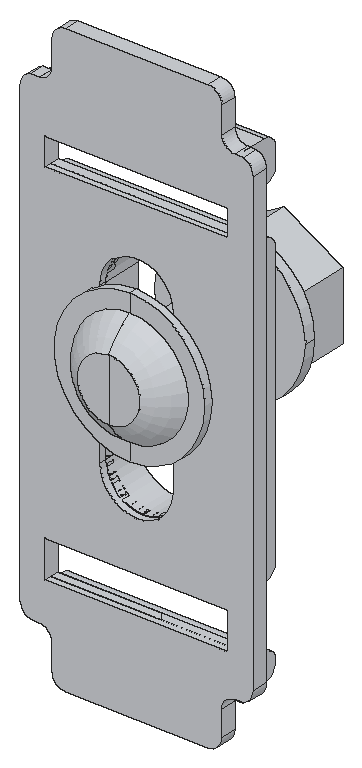
Revit family "RRHDWSNIEDSET", category Generic Models, Revit 2018
Family settings
  Can host rebar = No
  Round Connector Dimension = Use Diameter
  Part Type = Normal
  Work Plane-Based = Yes
  Always vertical = No
  Cut with Voids When Loaded = No
  Shared = Yes
  Room Calculation Point = No
Parameters
  Ship Complete Level [instance] = ""
  Required Date [instance] = ""
  Job [instance] = ""
  Group/Run [instance] = ""
  Clamp Material = none
  Description = "Mounting Clamp 304 Niedex Universal Wire Mesh/Tray"
  Default Elevation = 4' - 0"
  Custom [instance] = ""
  Catalog Number = "RRHDWSNIEDSET"
  Assembly Name [instance] = ""
  Assembly ID [instance] = ""
Reference planes (in)
  plane 1 "Center (Front/Back)": y = 0
  plane 2: z = 0
  plane 3 "Center (Left/Right)": x = 0
Forms (in)
  Extrusion 1, solid, material <- "Clamp Material"
    sketch origin (0, 0, 0) x (1, 0, 0) y (0, 0, 1)
      loop
        line (-0.43137, 0.80598) -> (-0.43137, -0.90505)
        arc (-0.43137, -0.90505) -> (-0.42108, -0.9369) -> (-0.39409, -0.9567) r 0.05443
        line (-0.39409, -0.9567) -> (-0.36161, -0.9567)
        arc (-0.36161, -0.9567) -> (-0.32742, -0.97086) -> (-0.31326, -1.00505) r 0.04834
        line (-0.31326, -1.00505) -> (-0.31326, -1.1019)
        arc (-0.31326, -1.1019) -> (-0.29862, -1.13725) -> (-0.26326, -1.1519) r 0.05
        line (-0.26326, -1.1519) -> (0.26666, -1.1519)
        arc (0.26666, -1.1519) -> (0.30201, -1.13725) -> (0.31666, -1.1019) r 0.05
        line (0.31666, -1.1019) -> (0.31666, -1.00505)
        arc (0.31666, -1.00505) -> (0.33082, -0.97086) -> (0.365, -0.9567) r 0.04834
        line (0.365, -0.9567) -> (0.39749, -0.9567)
        arc (0.39749, -0.9567) -> (0.42447, -0.9369) -> (0.43477, -0.90505) r 0.05443
        line (0.43477, -0.90505) -> (0.43477, 0.80598)
        arc (0.43477, 0.80598) -> (0.42447, 0.83783) -> (0.39749, 0.85763) r 0.05443
        line (0.39749, 0.85763) -> (0.365, 0.85763)
        arc (0.365, 0.85763) -> (0.33082, 0.87179) -> (0.31666, 0.90598) r 0.04834
        line (0.31666, 0.90598) -> (0.31666, 1.00283)
        arc (0.31666, 1.00283) -> (0.30201, 1.03818) -> (0.26666, 1.05283) r 0.05
        line (0.26666, 1.05283) -> (-0.26326, 1.05283)
        arc (-0.26326, 1.05283) -> (-0.29862, 1.03818) -> (-0.31326, 1.00283) r 0.05
        line (-0.31326, 1.00283) -> (-0.31326, 0.90598)
        arc (-0.31326, 0.90598) -> (-0.32742, 0.87179) -> (-0.36161, 0.85763) r 0.04834
        line (-0.36161, 0.85763) -> (-0.39409, 0.85763)
        arc (-0.39409, 0.85763) -> (-0.42108, 0.83783) -> (-0.43137, 0.80598) r 0.05443
      loop
        line (-0.33858, 0.67058) -> (-0.33858, 0.56794) -> (0.33858, 0.56794) -> (0.33858, 0.67058) -> (-0.33858, 0.67058)
      loop
        line (-0.33858, -0.66701) -> (-0.33858, -0.80754) -> (0.33858, -0.80754) -> (0.33858, -0.66701) -> (-0.33858, -0.66701)
    from 0.11811 to 0.17717
  Extrusion 2, solid, material <- "Clamp Material"
    sketch origin (0, 0, 0) x (0, 1, 0) y (0, 0, 1)
      loop
        line (-0.05, 0.85598) -> (-0.14973, 0.85598) -> (-0.14973, 0.67058) -> (-0.11811, 0.67058)
        arc (-0.11811, 0.67058) -> (-0.09361, 0.69032) -> (-0.06314, 0.69815) r 0.07431
        arc (-0.06314, 0.69815) -> (-0.01938, 0.70866) -> (0, 0.74928) r 0.05227
        line (0, 0.74928) -> (0, 0.80598)
        arc (0, 0.80598) -> (-0.01464, 0.84133) -> (-0.05, 0.85598) r 0.05
      loop
        line (-0.14973, 0.56794) -> (-0.14973, -0.66701) -> (-0.11811, -0.66701)
        arc (-0.11811, -0.66701) -> (-0.09218, -0.6391) -> (-0.05906, -0.62028) r 0.12519
        arc (-0.05906, -0.62028) -> (-0.01795, -0.60905) -> (0, -0.5704) r 0.05059
        line (0, -0.5704) -> (0, 0.47133)
        arc (0, 0.47133) -> (-0.01795, 0.50998) -> (-0.05906, 0.52121) r 0.05059
        arc (-0.05906, 0.52121) -> (-0.09898, 0.53143) -> (-0.11811, 0.56794) r 0.05068
        line (-0.11811, 0.56794) -> (-0.14973, 0.56794)
      loop
        line (-0.14973, -0.80754) -> (-0.14973, -0.97783) -> (-0.11811, -0.97783)
        arc (-0.11811, -0.97783) -> (-0.10517, -0.96432) -> (-0.08817, -0.95651) r 0.05
        line (-0.08817, -0.95651) -> (-0.04763, -0.95651)
        arc (-0.04763, -0.95651) -> (-0.01087, -0.93539) -> (-0.00058, -0.89426) r 0.05417
        arc (-0.00058, -0.89426) -> (-0.02458, -0.85729) -> (-0.06811, -0.8504) r 0.05417
        arc (-0.06811, -0.8504) -> (-0.09598, -0.83231) -> (-0.11811, -0.80754) r 0.12519
        line (-0.11811, -0.80754) -> (-0.14973, -0.80754)
    from -0.37402 to 0.37402
  Extrusion 3, void
    sketch origin (0, 0, 0) x (1, 0, 0) y (0, 0, 1)
      loop
        line (-0.1361, 0.24574) -> (-0.1361, -0.34481)
        arc (-0.1361, -0.34481) -> (0.0017, -0.48261) -> (0.13949, -0.34481) r 0.1378
        line (0.13949, -0.34481) -> (0.13949, 0.24574)
        arc (0.13949, 0.24574) -> (0.0017, 0.38353) -> (-0.1361, 0.24574) r 0.1378
    from -0.0625 to 0.25
  Revolve 4, solid, material <- "Clamp Material"
    sketch origin (0, 0, 0) x (0, 1, 0) y (0, 0, 1)
      loop
        line (0.57613, 0) -> (0.57613, 0.08662) -> (0.54216, 0.12059) -> (-0.17717, 0.12059) -> (-0.17717, 0.27971) -> (-0.20842, 0.27971) -> (-0.20842, 0.21553)
        arc (-0.20842, 0.21553) -> (-0.26387, 0.17257) -> (-0.30607, 0.11653) r 0.26435
        line (-0.30607, 0.11653) -> (-0.30607, 0) -> (0.57613, 0)
      axis (0.57613, 0) -> (-0.30607, 0)
    angle from 0 to 360
  Extrusion 5, solid, material <- "Clamp Material"
    sketch origin (0, 0, 0) x (1, 0, 0) y (0, 0, 1)
      loop
        line (0.21875, 0.1263) -> (0, 0.25259) -> (-0.21875, 0.1263) -> (-0.21875, -0.1263) -> (0, -0.25259) -> (0.21875, -0.1263) -> (0.21875, 0.1263)
    from -0.5054 to -0.298
  Extrusion 6, solid, material <- "Clamp Material"
    sketch origin (0, 0, 0) x (1, 0, 0) y (0, 0, 1)
      loop
        circle (0, 0) r 0.28
    from -0.298 to -0.258
  Revolve 7, solid, material <- "Clamp Material"
    sketch origin (0, 0, 0) x (0, 1, 0) y (0, 0, 1)
      loop
        arc (0.55487, 0.14798) -> (0.54038, 0.18297) -> (0.5054, 0.19746) r 0.04948
        line (0.5054, 0.19746) -> (0.5054, 0.1024) -> (0.55487, 0.1024) -> (0.55487, 0.14798)
      axis (0.55487, 0) -> (0.5054, 0)
    angle from 0 to 360
Cuts and joins
  Extrusion 3 cuts Extrusion 1
  Extrusion 3 cuts Extrusion 2
  joined: Extrusion 5, Extrusion 6, Revolve 7
Dimensions and locks (in)
  aligned and locked: level to plane 2
